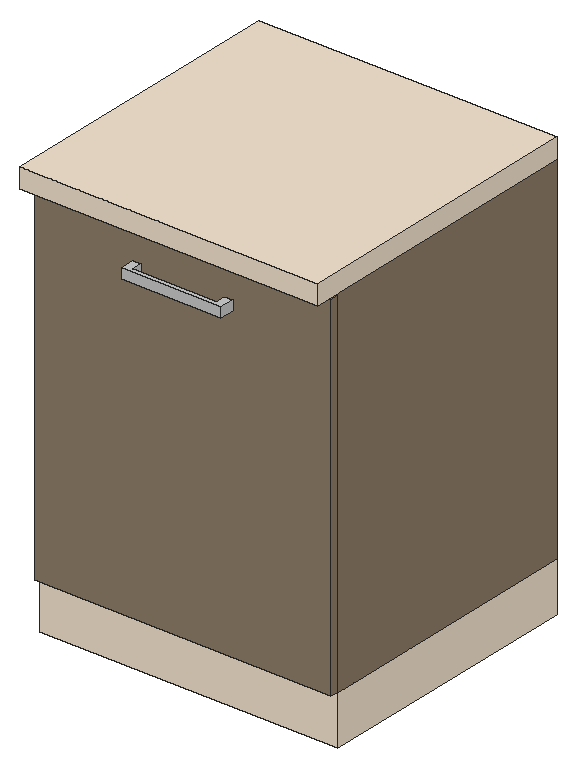
Revit family "Кухня нижній шкафчик", category Мебель, Revit 2019
Family settings
  Номер OmniClass = 23.40.20.00
  Заголовок OmniClass = General Furniture and Specialties
  На основе рабочей плоскости = Нет
  Всегда вертикально = Да
  При загрузке вырезать с полостями = Нет
  Общий = Нет
  Точка расчета площади = Нет
Parameters
  Ширина [instance] = 600 mm
  Дверки ручка сверху [instance] = yes
  Дверки правое открывание [instance] = no
  Дверки левое открывание [instance] = no
  Материал цоколь = Материал цоколь кухни
  Материал корпус = Материал корпус кухни
  Материал столешница = Материал столешница кухни
  Изготовитель = "Литвинчук Артур"
  Глубина [instance] = 550 mm
  URL = "lytvynchukartur@gmail.com"
  4 выдвижных ящика [instance] = no
  3 выдвижных ящика [instance] = no
  2 выдвижных ящика [instance] = no
Reference planes
  plane 1 "По центру (Вперед/Назад)": y = 0
  plane 2: z = 0
  plane 3 "По центру (Влево/Вправо)": x = 0
  plane 4: x = -600
  plane 5: y = -550
  plane 6: z = 820
  plane 7: z = 100
  plane 8: x = -580
  plane 9: x = -20
  plane 10: y = -530
  plane 11: z = 860
  plane 12: y = -600
  plane 13: y = -565
  plane 14: z = 745
  plane 15: z = 725
  plane 16: x = -400
  plane 17: x = -200
  plane 18: x = -300
  plane 19: y = -585
  plane 20: y = -595
  plane 21: x = -385
  plane 22: x = -215
  plane 23 "По центру Л/Р": x = -2.5
  plane 24: x = -597.5
  plane 25: z = 457.5
  plane 26: z = 462.5
  plane 27: z = 387.5
  plane 28: z = 367.5
  plane 29: z = 582.5
  plane 30: z = 577.5
  plane 31: z = 342.5
  plane 32: z = 337.5
  plane 33: z = 507.5
  plane 34: z = 487.5
  plane 35: z = 267.5
  plane 36: z = 247.5
  plane 37: z = 637.5
  plane 38: z = 642.5
  plane 39: z = 457.5
  plane 40: z = 462.5
  plane 41: z = 277.5
  plane 42: z = 282.5
  plane 43: z = 565
  plane 44: z = 545
  plane 45: z = 385
  plane 46: z = 365
  plane 47: z = 205
  plane 48: z = 185
  plane 49: z = 815
  plane 50: x = -560
  plane 51: x = -540
  plane 52 "По центру Л/С": x = -40
  plane 53 "По центру Л/Т": x = -60
Forms (mm)
  Extrusion 1, solid, material "Материал корпус кухни" <- "Материал корпус"
    sketch origin (0, 0, 0) x (1, 0, 0) y (0, 1, 0)
      loop
        line (-600, 0) -> (-600, -550) -> (0, -550) -> (0, 0) -> (-600, 0)
    from 100 to 820
  Extrusion 2, solid, material "Материал цоколь кухни"
    sketch origin (0, 0, 0) x (1, 0, 0) y (0, 1, 0)
      loop
        line (-600, 0) -> (-600, -550) -> (0, -550) -> (0, 0) -> (-20, 0) -> (-20, -530) -> (-580, -530) -> (-580, 0) -> (-600, 0)
    from 0 to 100
  Extrusion 3, solid, material "Материал столешница кухни" <- "Материал столешница"
    sketch origin (0, 0, 0) x (1, 0, 0) y (0, 1, 0)
      loop
        line (-600, 0) -> (-600, -600) -> (0, -600) -> (0, 0) -> (-600, 0)
    from 820 to 860
  Extrusion 4, solid, material "Материал корпус кухни" <- "Материал корпус", visible <- "Дверки ручка сверху"
    sketch origin (0, 0, 0) x (0, 1, 0) y (0, 0, 1)
      loop
        line (-550, 100) -> (-550, 815) -> (-565, 815) -> (-565, 100) -> (-550, 100)
    from -597.5 to -2.5
  Extrusion 5, solid, material "Материал ручка кухни", visible <- "2 выдвижных ящика"
    sketch origin (0, 0, 0) x (1, 0, 0) y (0, 1, 0)
      loop
        line (-400, -565) -> (-400, -595) -> (-200, -595) -> (-200, -565) -> (-215, -565) -> (-215, -585) -> (-385, -585) -> (-385, -565) -> (-400, -565)
    from 725 to 745
  Extrusion 6, solid, material "Материал корпус кухни" <- "Материал корпус", visible <- "2 выдвижных ящика"
    sketch origin (0, 0, 0) x (1, 0, 0) y (0, 0, 1)
      loop
        line (-597.5, 815) -> (-597.5, 462.5) -> (-2.5, 462.5) -> (-2.5, 815) -> (-597.5, 815)
    from 550 to 565
  Extrusion 7, solid, material "Материал корпус кухни" <- "Материал корпус", visible <- "2 выдвижных ящика"
    sketch origin (0, 0, -275) x (1, 0, 0) y (0, 0, 1)
      loop
        line (-597.5, 732.5) -> (-597.5, 375) -> (-2.5, 375) -> (-2.5, 732.5) -> (-597.5, 732.5)
    from 550 to 565
  Extrusion 8, solid, material "Материал ручка кухни", visible <- "2 выдвижных ящика"
    sketch origin (500, 0, 0) x (1, 0, 0) y (0, 1, 0)
      loop
        line (-900, -565) -> (-900, -595) -> (-700, -595) -> (-700, -565) -> (-715, -565) -> (-715, -585) -> (-885, -585) -> (-885, -565) -> (-900, -565)
    from 367.5 to 387.5
  Extrusion 9, solid, material "Материал ручка кухни", visible <- "Дверки ручка сверху"
    sketch origin (500, 0, 0) x (1, 0, 0) y (0, 1, 0)
      loop
        line (-900, -565) -> (-900, -595) -> (-700, -595) -> (-700, -565) -> (-715, -565) -> (-715, -585) -> (-885, -585) -> (-885, -565) -> (-900, -565)
    from 725 to 745
  Extrusion 10, solid, material "Материал корпус кухни" <- "Материал корпус", visible <- "3 выдвижных ящика"
    sketch origin (800, 0, 0) x (1, 0, 0) y (0, 0, 1)
      loop
        line (-1397.5, 815) -> (-1397.5, 582.5) -> (-802.5, 582.5) -> (-802.5, 815) -> (-1397.5, 815)
    from 550 to 565
  Extrusion 11, solid, material "Материал ручка кухни", visible <- "3 выдвижных ящика"
    sketch origin (0, 0, 0) x (1, 0, 0) y (0, 1, 0)
      loop
        line (-400, -565) -> (-400, -595) -> (-200, -595) -> (-200, -565) -> (-215, -565) -> (-215, -585) -> (-385, -585) -> (-385, -565) -> (-400, -565)
    from 725 to 745
  Extrusion 12, solid, material "Материал корпус кухни" <- "Материал корпус", visible <- "3 выдвижных ящика"
    sketch origin (1600, 0, 0) x (1, 0, 0) y (0, 0, 1)
      loop
        line (-2197.5, 577.5) -> (-2197.5, 342.5) -> (-1602.5, 342.5) -> (-1602.5, 577.5) -> (-2197.5, 577.5)
    from 550 to 565
  Extrusion 13, solid, material "Материал корпус кухни" <- "Материал корпус", visible <- "3 выдвижных ящика"
    sketch origin (1800, 0, 0) x (1, 0, 0) y (0, 0, 1)
      loop
        line (-2397.5, 337.5) -> (-2397.5, 100) -> (-1802.5, 100) -> (-1802.5, 337.5) -> (-2397.5, 337.5)
    from 550 to 565
  Extrusion 14, solid, material "Материал ручка кухни", visible <- "3 выдвижных ящика"
    sketch origin (-220, 0, 0) x (1, 0, 0) y (0, 1, 0)
      loop
        line (-180, -565) -> (-180, -595) -> (20, -595) -> (20, -565) -> (5, -565) -> (5, -585) -> (-165, -585) -> (-165, -565) -> (-180, -565)
    from 487.5 to 507.5
  Extrusion 15, solid, material "Материал ручка кухни", visible <- "3 выдвижных ящика"
    sketch origin (-355, 0, 0) x (1, 0, 0) y (0, 1, 0)
      loop
        line (-45, -565) -> (-45, -595) -> (155, -595) -> (155, -565) -> (140, -565) -> (140, -585) -> (-30, -585) -> (-30, -565) -> (-45, -565)
    from 247.5 to 267.5
  Extrusion 16, solid, material "Материал корпус кухни" <- "Материал корпус", visible <- "4 выдвижных ящика"
    sketch origin (1440, 0, 0) x (1, 0, 0) y (0, 0, 1)
      loop
        line (-2037.5, 815) -> (-2037.5, 642.5) -> (-1442.5, 642.5) -> (-1442.5, 815) -> (-2037.5, 815)
    from 550 to 565
  Extrusion 17, solid, material "Материал ручка кухни", visible <- "4 выдвижных ящика"
    sketch origin (-445, 0, 0) x (1, 0, 0) y (0, 1, 0)
      loop
        line (45, -565) -> (45, -595) -> (245, -595) -> (245, -565) -> (230, -565) -> (230, -585) -> (60, -585) -> (60, -565) -> (45, -565)
    from 725 to 745
  Extrusion 18, solid, material "Материал корпус кухни" <- "Материал корпус", visible <- "4 выдвижных ящика"
    sketch origin (2160, 0, 0) x (1, 0, 0) y (0, 0, 1)
      loop
        line (-2757.5, 637.5) -> (-2757.5, 462.5) -> (-2162.5, 462.5) -> (-2162.5, 637.5) -> (-2757.5, 637.5)
    from 550 to 565
  Extrusion 19, solid, material "Материал корпус кухни" <- "Материал корпус", visible <- "4 выдвижных ящика"
    sketch origin (2910, 0, 0) x (1, 0, 0) y (0, 0, 1)
      loop
        line (-3507.5, 457.5) -> (-3507.5, 282.5) -> (-2912.5, 282.5) -> (-2912.5, 457.5) -> (-3507.5, 457.5)
    from 550 to 565
  Extrusion 20, solid, material "Материал корпус кухни" <- "Материал корпус", visible <- "4 выдвижных ящика"
    sketch origin (3710, 0, 0) x (1, 0, 0) y (0, 0, 1)
      loop
        line (-4307.5, 277.5) -> (-4307.5, 100) -> (-3712.5, 100) -> (-3712.5, 277.5) -> (-4307.5, 277.5)
    from 550 to 565
  Extrusion 21, solid, material "Материал ручка кухни", visible <- "4 выдвижных ящика"
    sketch origin (-675, 0, 0) x (1, 0, 0) y (0, 1, 0)
      loop
        line (275, -565) -> (275, -595) -> (475, -595) -> (475, -565) -> (460, -565) -> (460, -585) -> (290, -585) -> (290, -565) -> (275, -565)
    from 185 to 205
  Extrusion 22, solid, material "Материал ручка кухни", visible <- "4 выдвижных ящика"
    sketch origin (505, 0, 0) x (1, 0, 0) y (0, 1, 0)
      loop
        line (-905, -565) -> (-905, -595) -> (-705, -595) -> (-705, -565) -> (-720, -565) -> (-720, -585) -> (-890, -585) -> (-890, -565) -> (-905, -565)
    from 545 to 565
  Extrusion 23, solid, material "Материал ручка кухни", visible <- "4 выдвижных ящика"
    sketch origin (755, 0, 0) x (1, 0, 0) y (0, 1, 0)
      loop
        line (-1155, -565) -> (-1155, -595) -> (-955, -595) -> (-955, -565) -> (-970, -565) -> (-970, -585) -> (-1140, -585) -> (-1140, -565) -> (-1155, -565)
    from 365 to 385
  Extrusion 24, solid, material "Материал корпус кухни" <- "Материал корпус", visible <- "Дверки правое открывание"
    sketch origin (2240, 0, 0) x (1, 0, 0) y (0, 0, 1)
      loop
        line (-2837.5, 815) -> (-2837.5, 100) -> (-2242.5, 100) -> (-2242.5, 815) -> (-2837.5, 815)
    from 550 to 565
  Extrusion 25, solid, material "Материал ручка кухни", visible <- "Дверки правое открывание"
    sketch origin (270, 0, 500) x (0, 0, 1) y (0, 1, 0)
      loop
        line (45, -565) -> (45, -595) -> (245, -595) -> (245, -565) -> (230, -565) -> (230, -585) -> (60, -585) -> (60, -565) -> (45, -565)
    from 810 to 830
  Extrusion 26, solid, material "Материал корпус кухни" <- "Материал корпус", visible <- "Дверки левое открывание"
    sketch origin (3040, 0, 0) x (1, 0, 0) y (0, 0, 1)
      loop
        line (-3637.5, 815) -> (-3637.5, 100) -> (-3042.5, 100) -> (-3042.5, 815) -> (-3637.5, 815)
    from 550 to 565
  Extrusion 27, solid, material "Материал ручка кухни", visible <- "Дверки левое открывание"
    sketch origin (1070, 0, 500) x (0, 0, 1) y (0, 1, 0)
      loop
        line (45, -565) -> (45, -595) -> (245, -595) -> (245, -565) -> (230, -565) -> (230, -585) -> (60, -585) -> (60, -565) -> (45, -565)
    from 1110 to 1130
Dimensions and locks
  "Ширина": plane 3 "По центру (Влево/Вправо)" to plane 4
  "Глубина": plane 5 to plane 1 "По центру (Вперед/Назад)"
  locked: plane 7 to level at 100
  locked: plane 6 to plane 7 at 720
  locked: plane 4 to plane 8 at 20
  locked: plane 9 to plane 3 "По центру (Влево/Вправо)" at 20
  locked: plane 5 to plane 10 at 20
  locked: plane 11 to plane 6 at 40
  locked: plane 6 to Extrusion 4 at 5
  locked: plane 15 to level at 725
  locked: plane 14 to plane 15 at 20
  equal spacing: plane 3 "По центру (Влево/Вправо)", plane 18, plane 4
  locked: plane 21 to plane 16 at 15
  locked: plane 17 to plane 22 at 15
  locked: plane 17 to plane 16 at 200
  equal spacing: plane 17, plane 18, plane 16
  locked: plane 24 to plane 4 at 2.5
  locked: plane 3 "По центру (Влево/Вправо)" to plane 23 "По центру Л/Р" at 2.5
  locked: plane 6 to Extrusion 6 at 5
  plane 26 to plane 25 to plane 7 = 5 mm locked, 357.5 mm locked
  locked: plane 27 to plane 28 at 20
  locked: plane 28 to level at 367.5
  plane 29 to plane 30 to plane 31 to plane 32 to plane 7 = 5 mm locked, 235 mm locked, 5 mm locked, 237.5 mm locked
  locked: plane 33 to plane 34 at 20
  locked: plane 34 to plane 7 at 387.5
  locked: plane 35 to plane 36 at 20
  locked: plane 36 to plane 7 at 147.5
  plane 38 to plane 37 to plane 40 to plane 39 to plane 42 to plane 41 to plane 7 = 5 mm locked, 175 mm locked, 5 mm locked, 175 mm locked, 5 mm locked, 177.5 mm locked
  locked: plane 43 to plane 44 at 20
  locked: plane 45 to plane 46 at 20
  locked: plane 47 to plane 48 at 20
  locked: plane 15 to plane 43 at 160
  locked: plane 44 to plane 45 at 160
  locked: plane 46 to plane 47 at 160
  locked: plane 6 to plane 49 at 5
  plane 51 to plane 50 to plane 4 = 20 mm locked, 40 mm locked
  plane 3 "По центру (Влево/Вправо)" to plane 52 "По центру Л/С" to plane 53 "По центру Л/Т" = 40 mm locked, 20 mm locked
  plane 12 to plane 20 to plane 19 to plane 13 to plane 5 = 5 mm locked, 10 mm locked, 20 mm locked, 15 mm locked
  aligned and locked: level to plane 2
  aligned and locked: plane 4 to Extrusion 1 sketch curve
  aligned and locked: plane 1 "По центру (Вперед/Назад)" to Extrusion 1 sketch curve
  aligned and locked: Extrusion 1 sketch curve to plane 3 "По центру (Влево/Вправо)"
  aligned and locked: Extrusion 1 sketch curve to plane 5
  aligned and locked: plane 6 to Extrusion 1
  aligned and locked: Extrusion 1 to plane 7
  aligned and locked: plane 4 to Extrusion 2 sketch curve
  aligned and locked: Extrusion 2 sketch curve to plane 8
  aligned and locked: plane 1 "По центру (Вперед/Назад)" to Extrusion 2 sketch curve  (x2)
  aligned and locked: plane 9 to Extrusion 2 sketch curve
  aligned and locked: Extrusion 2 sketch curve to plane 3 "По центру (Влево/Вправо)"
  aligned and locked: plane 10 to Extrusion 2 sketch curve
  aligned and locked: Extrusion 2 sketch curve to plane 5
  aligned and locked: Extrusion 2 to Extrusion 1
  aligned and locked: Extrusion 2 to level
  aligned and locked: plane 4 to Extrusion 3 sketch curve
  aligned and locked: plane 1 "По центру (Вперед/Назад)" to Extrusion 3 sketch curve
  aligned and locked: Extrusion 3 sketch curve to plane 3 "По центру (Влево/Вправо)"
  aligned and locked: plane 12 to Extrusion 3
  aligned and locked: plane 11 to Extrusion 3
  aligned and locked: Extrusion 3 to plane 6
  aligned and locked: plane 13 to Extrusion 4 sketch curve
  aligned and locked: Extrusion 4 sketch curve to plane 5
  aligned and locked: Extrusion 4 sketch curve to plane 7
  aligned and locked: Extrusion 5 sketch curve to plane 20
  aligned and locked: plane 19 to Extrusion 5 sketch curve
  aligned and locked: Extrusion 5 sketch curve to plane 21
  aligned and locked: plane 16 to Extrusion 5 sketch curve
  aligned and locked: Extrusion 5 sketch curve to plane 17
  aligned and locked: plane 22 to Extrusion 5 sketch curve
  aligned and locked: plane 13 to Extrusion 5 sketch curve  (x2)
  aligned and locked: plane 14 to Extrusion 5
  aligned and locked: Extrusion 5 to plane 15
  aligned and locked: Extrusion 4 to plane 24
  aligned and locked: plane 23 "По центру Л/Р" to Extrusion 4
  aligned and locked: plane 13 to Extrusion 6
  aligned and locked: Extrusion 6 to plane 5
  aligned and locked: Extrusion 6 to plane 24
  aligned and locked: plane 23 "По центру Л/Р" to Extrusion 6
  aligned and locked: Extrusion 7 to plane 24
  aligned and locked: plane 25 to Extrusion 7
  aligned and locked: Extrusion 1 to Extrusion 7
  aligned and locked: plane 23 "По центру Л/Р" to Extrusion 7
  aligned and locked: Extrusion 6 to plane 26
  aligned and locked: Extrusion 8 to plane 28
  aligned and locked: plane 27 to Extrusion 8
  aligned and locked: Extrusion 8 to plane 16
  aligned and locked: plane 21 to Extrusion 8
  aligned and locked: Extrusion 8 to plane 22
  aligned and locked: plane 17 to Extrusion 8
  aligned and locked: plane 20 to Extrusion 8
  aligned and locked: Extrusion 8 to plane 19
  aligned and locked: Extrusion 8 to plane 13  (x2)
  aligned and locked: Extrusion 9 to plane 15
  aligned and locked: plane 14 to Extrusion 9
  aligned and locked: Extrusion 9 to plane 16
  aligned and locked: plane 21 to Extrusion 9
  aligned and locked: Extrusion 9 to plane 22
  aligned and locked: plane 17 to Extrusion 9
  aligned and locked: plane 20 to Extrusion 9
  aligned and locked: Extrusion 9 to plane 19
  aligned and locked: Extrusion 9 to plane 13  (x2)
  aligned and locked: Extrusion 10 to plane 29
  aligned and locked: Extrusion 10 to plane 24
  aligned and locked: plane 23 "По центру Л/Р" to Extrusion 10
  aligned and locked: Extrusion 12 to plane 31
  aligned and locked: plane 30 to Extrusion 12
  aligned and locked: Extrusion 12 to plane 24
  aligned and locked: plane 23 "По центру Л/Р" to Extrusion 12
  aligned and locked: Extrusion 1 to Extrusion 13
  aligned and locked: plane 32 to Extrusion 13
  aligned and locked: Extrusion 13 to plane 24
  aligned and locked: plane 23 "По центру Л/Р" to Extrusion 13
  aligned and locked: Extrusion 15 to plane 36
  aligned and locked: plane 35 to Extrusion 15
  aligned and locked: plane 17 to Extrusion 15
  aligned and locked: Extrusion 15 to plane 22
  aligned and locked: plane 21 to Extrusion 15
  aligned and locked: Extrusion 15 to plane 16
  aligned and locked: Extrusion 15 to plane 13  (x2)
  aligned and locked: Extrusion 15 to plane 19
  aligned and locked: plane 20 to Extrusion 15
  aligned and locked: Extrusion 14 to plane 34
  aligned and locked: plane 33 to Extrusion 14
  aligned and locked: plane 17 to Extrusion 14
  aligned and locked: Extrusion 14 to plane 22
  aligned and locked: plane 21 to Extrusion 14
  aligned and locked: Extrusion 14 to plane 16
  aligned and locked: Extrusion 14 to plane 13  (x2)
  aligned and locked: Extrusion 14 to plane 19
  aligned and locked: plane 20 to Extrusion 14
  aligned and locked: Extrusion 11 to plane 15
  aligned and locked: plane 14 to Extrusion 11
  aligned and locked: plane 17 to Extrusion 11
  aligned and locked: Extrusion 11 to plane 22
  aligned and locked: plane 21 to Extrusion 11
  aligned and locked: Extrusion 11 to plane 16
  aligned and locked: Extrusion 11 to plane 13  (x2)
  aligned and locked: Extrusion 11 to plane 19
  aligned and locked: plane 20 to Extrusion 11
  aligned and locked: plane 49 to Extrusion 16
  aligned and locked: Extrusion 16 to plane 38
  aligned and locked: Extrusion 16 to plane 24
  aligned and locked: plane 23 "По центру Л/Р" to Extrusion 16
  aligned and locked: Extrusion 18 to plane 26
  aligned and locked: plane 37 to Extrusion 18
  aligned and locked: Extrusion 18 to plane 24
  aligned and locked: plane 23 "По центру Л/Р" to Extrusion 18
  aligned and locked: Extrusion 19 to plane 42
  aligned and locked: plane 25 to Extrusion 19
  aligned and locked: Extrusion 19 to plane 24
  aligned and locked: plane 23 "По центру Л/Р" to Extrusion 19
  aligned and locked: Extrusion 1 to Extrusion 20
  aligned and locked: plane 41 to Extrusion 20
  aligned and locked: Extrusion 20 to plane 24
  aligned and locked: plane 23 "По центру Л/Р" to Extrusion 20
  aligned and locked: Extrusion 21 to plane 48
  aligned and locked: plane 47 to Extrusion 21
  aligned and locked: plane 17 to Extrusion 21
  aligned and locked: Extrusion 21 to plane 22
  aligned and locked: plane 21 to Extrusion 21
  aligned and locked: Extrusion 21 to plane 16
  aligned and locked: Extrusion 21 to plane 13  (x2)
  aligned and locked: Extrusion 21 to plane 19
  aligned and locked: plane 20 to Extrusion 21
  aligned and locked: Extrusion 23 to plane 46
  aligned and locked: plane 45 to Extrusion 23
  aligned and locked: Extrusion 23 to plane 16
  aligned and locked: plane 21 to Extrusion 23
  aligned and locked: Extrusion 23 to plane 22
  aligned and locked: plane 17 to Extrusion 23
  aligned and locked: Extrusion 22 to plane 44
  aligned and locked: plane 43 to Extrusion 22
  aligned and locked: Extrusion 22 to plane 16
  aligned and locked: plane 21 to Extrusion 22
  aligned and locked: Extrusion 22 to plane 22
  aligned and locked: plane 17 to Extrusion 22
  aligned and locked: Extrusion 22 to plane 13  (x2)
  aligned and locked: Extrusion 22 to plane 19
  aligned and locked: plane 20 to Extrusion 22
  aligned and locked: Extrusion 23 to plane 13  (x2)
  aligned and locked: Extrusion 23 to plane 19
  aligned and locked: plane 20 to Extrusion 23
  aligned and locked: Extrusion 17 to plane 15
  aligned and locked: plane 14 to Extrusion 17
  aligned and locked: plane 17 to Extrusion 17
  aligned and locked: plane 21 to Extrusion 17
  aligned and locked: Extrusion 17 to plane 16
  aligned and locked: Extrusion 24 to plane 24
  aligned and locked: plane 23 "По центру Л/Р" to Extrusion 24
  aligned and locked: plane 49 to Extrusion 24
  aligned and locked: Extrusion 1 to Extrusion 24
  aligned and locked: Extrusion 25 to plane 50
  aligned and locked: plane 51 to Extrusion 25
  aligned and locked: Extrusion 1 to Extrusion 26
  aligned and locked: plane 49 to Extrusion 26
  aligned and locked: Extrusion 26 to plane 24
  aligned and locked: plane 23 "По центру Л/Р" to Extrusion 26
  aligned and locked: Extrusion 27 to plane 53 "По центру Л/Т"
  aligned and locked: plane 52 "По центру Л/С" to Extrusion 27
  aligned and locked: plane 13 to Extrusion 26
  aligned and locked: Extrusion 26 to plane 5
  aligned and locked: plane 13 to Extrusion 24
  aligned and locked: Extrusion 24 to plane 5
  aligned and locked: plane 13 to Extrusion 16
  aligned and locked: Extrusion 16 to plane 5
  aligned and locked: plane 13 to Extrusion 10
  aligned and locked: Extrusion 10 to plane 5
  aligned and locked: plane 13 to Extrusion 18
  aligned and locked: Extrusion 18 to plane 5
  aligned and locked: plane 13 to Extrusion 12
  aligned and locked: Extrusion 12 to plane 5
  aligned and locked: plane 13 to Extrusion 19
  aligned and locked: Extrusion 19 to plane 5
  aligned and locked: plane 13 to Extrusion 7
  aligned and locked: Extrusion 7 to plane 5
  aligned and locked: plane 13 to Extrusion 13
  aligned and locked: Extrusion 13 to plane 5
  aligned and locked: plane 13 to Extrusion 20
  aligned and locked: Extrusion 20 to plane 5
Automatic sketch dimensions
  plane 12 to Extrusion 3 sketch curve = 0 mm
  Extrusion 4 sketch curve to plane 49 = 0 mm
  Extrusion 6 sketch curve to plane 24 = 0 mm
  Extrusion 6 sketch curve to plane 23 "По центру Л/Р" = 0 mm
  Extrusion 6 sketch curve to plane 26 = 0 mm
  Extrusion 6 sketch curve to plane 49 = 0 mm
  Extrusion 7 sketch curve to plane 7 = 0 mm
  Extrusion 7 sketch curve to plane 24 = 0 mm
  Extrusion 7 sketch curve to plane 23 "По центру Л/Р" = 0 mm
  Extrusion 7 sketch curve to plane 25 = 0 mm
  plane 13 to Extrusion 8 sketch curve = 0 mm  (x2)
  Extrusion 8 sketch curve to plane 16 = 0 mm
  Extrusion 8 sketch curve to plane 21 = 0 mm
  Extrusion 8 sketch curve to plane 22 = 0 mm
  Extrusion 8 sketch curve to plane 17 = 0 mm
  plane 20 to Extrusion 8 sketch curve = 0 mm
  plane 19 to Extrusion 8 sketch curve = 0 mm
  plane 13 to Extrusion 9 sketch curve = 0 mm  (x2)
  Extrusion 9 sketch curve to plane 16 = 0 mm
  Extrusion 9 sketch curve to plane 21 = 0 mm
  Extrusion 9 sketch curve to plane 22 = 0 mm
  Extrusion 9 sketch curve to plane 17 = 0 mm
  plane 20 to Extrusion 9 sketch curve = 0 mm
  plane 19 to Extrusion 9 sketch curve = 0 mm
  Extrusion 10 sketch curve to plane 24 = 0 mm
  Extrusion 10 sketch curve to plane 23 "По центру Л/Р" = 0 mm
  Extrusion 10 sketch curve to plane 29 = 0 mm
  Extrusion 10 sketch curve to plane 49 = 0 mm
  plane 13 to Extrusion 11 sketch curve = 0 mm  (x2)
  Extrusion 11 sketch curve to plane 16 = 0 mm
  Extrusion 11 sketch curve to plane 21 = 0 mm
  Extrusion 11 sketch curve to plane 22 = 0 mm
  Extrusion 11 sketch curve to plane 17 = 0 mm
  plane 20 to Extrusion 11 sketch curve = 0 mm
  plane 19 to Extrusion 11 sketch curve = 0 mm
  Extrusion 12 sketch curve to plane 24 = 0 mm
  Extrusion 12 sketch curve to plane 23 "По центру Л/Р" = 0 mm
  Extrusion 12 sketch curve to plane 31 = 0 mm
  Extrusion 12 sketch curve to plane 30 = 0 mm
  Extrusion 13 sketch curve to plane 7 = 0 mm
  Extrusion 13 sketch curve to plane 24 = 0 mm
  Extrusion 13 sketch curve to plane 23 "По центру Л/Р" = 0 mm
  Extrusion 13 sketch curve to plane 32 = 0 mm
  plane 13 to Extrusion 14 sketch curve = 0 mm  (x2)
  Extrusion 14 sketch curve to plane 16 = 0 mm
  Extrusion 14 sketch curve to plane 21 = 0 mm
  Extrusion 14 sketch curve to plane 22 = 0 mm
  Extrusion 14 sketch curve to plane 17 = 0 mm
  plane 20 to Extrusion 14 sketch curve = 0 mm
  plane 19 to Extrusion 14 sketch curve = 0 mm
  plane 13 to Extrusion 15 sketch curve = 0 mm  (x2)
  Extrusion 15 sketch curve to plane 16 = 0 mm
  Extrusion 15 sketch curve to plane 21 = 0 mm
  Extrusion 15 sketch curve to plane 22 = 0 mm
  Extrusion 15 sketch curve to plane 17 = 0 mm
  plane 20 to Extrusion 15 sketch curve = 0 mm
  plane 19 to Extrusion 15 sketch curve = 0 mm
  Extrusion 16 sketch curve to plane 24 = 0 mm
  Extrusion 16 sketch curve to plane 23 "По центру Л/Р" = 0 mm
  Extrusion 16 sketch curve to plane 38 = 0 mm
  Extrusion 16 sketch curve to plane 49 = 0 mm
  plane 13 to Extrusion 17 sketch curve = 0 mm  (x2)
  Extrusion 17 sketch curve to plane 16 = 0 mm
  Extrusion 17 sketch curve to plane 21 = 0 mm
  Extrusion 17 sketch curve to plane 22 = 0 mm
  Extrusion 17 sketch curve to plane 17 = 0 mm
  plane 20 to Extrusion 17 sketch curve = 0 mm
  plane 19 to Extrusion 17 sketch curve = 0 mm
  Extrusion 18 sketch curve to plane 24 = 0 mm
  Extrusion 18 sketch curve to plane 23 "По центру Л/Р" = 0 mm
  Extrusion 18 sketch curve to plane 26 = 0 mm
  Extrusion 18 sketch curve to plane 37 = 0 mm
  Extrusion 19 sketch curve to plane 24 = 0 mm
  Extrusion 19 sketch curve to plane 23 "По центру Л/Р" = 0 mm
  Extrusion 19 sketch curve to plane 42 = 0 mm
  Extrusion 19 sketch curve to plane 25 = 0 mm
  Extrusion 20 sketch curve to plane 7 = 0 mm
  Extrusion 20 sketch curve to plane 24 = 0 mm
  Extrusion 20 sketch curve to plane 23 "По центру Л/Р" = 0 mm
  Extrusion 20 sketch curve to plane 41 = 0 mm
  plane 13 to Extrusion 21 sketch curve = 0 mm  (x2)
  Extrusion 21 sketch curve to plane 16 = 0 mm
  Extrusion 21 sketch curve to plane 21 = 0 mm
  Extrusion 21 sketch curve to plane 22 = 0 mm
  Extrusion 21 sketch curve to plane 17 = 0 mm
  plane 20 to Extrusion 21 sketch curve = 0 mm
  plane 19 to Extrusion 21 sketch curve = 0 mm
  plane 13 to Extrusion 22 sketch curve = 0 mm  (x2)
  Extrusion 22 sketch curve to plane 16 = 0 mm
  Extrusion 22 sketch curve to plane 21 = 0 mm
  Extrusion 22 sketch curve to plane 22 = 0 mm
  Extrusion 22 sketch curve to plane 17 = 0 mm
  plane 20 to Extrusion 22 sketch curve = 0 mm
  plane 19 to Extrusion 22 sketch curve = 0 mm
  plane 13 to Extrusion 23 sketch curve = 0 mm  (x2)
  Extrusion 23 sketch curve to plane 16 = 0 mm
  Extrusion 23 sketch curve to plane 21 = 0 mm
  Extrusion 23 sketch curve to plane 22 = 0 mm
  Extrusion 23 sketch curve to plane 17 = 0 mm
  plane 20 to Extrusion 23 sketch curve = 0 mm
  plane 19 to Extrusion 23 sketch curve = 0 mm
  Extrusion 24 sketch curve to plane 7 = 0 mm
  Extrusion 24 sketch curve to plane 24 = 0 mm
  Extrusion 24 sketch curve to plane 23 "По центру Л/Р" = 0 mm
  Extrusion 24 sketch curve to plane 49 = 0 mm
  Extrusion 25 sketch curve to plane 13 = 0 mm  (x2)
  Extrusion 25 sketch curve to plane 44 = 0 mm
  Extrusion 25 sketch curve to plane 19 = 0 mm
  Extrusion 25 sketch curve to plane 14 = 0 mm
  Extrusion 25 sketch curve to plane 20 = 0 mm
  Extrusion 25 sketch curve to plane 43 = 5 mm
  plane 15 to Extrusion 25 sketch curve = 5 mm
  plane 7 to Extrusion 26 sketch curve = 0 mm
  Extrusion 26 sketch curve to plane 49 = 0 mm
  Extrusion 26 sketch curve to plane 3 "По центру (Влево/Вправо)" = 597.5 mm
  Extrusion 26 sketch curve to Extrusion 26 sketch curve = 595 mm
  Extrusion 27 sketch curve to plane 13 = 0 mm  (x2)
  Extrusion 27 sketch curve to plane 44 = 0 mm
  Extrusion 27 sketch curve to plane 19 = 0 mm
  Extrusion 27 sketch curve to plane 14 = 0 mm
  Extrusion 27 sketch curve to plane 20 = 0 mm
  Extrusion 27 sketch curve to plane 43 = 5 mm
  plane 15 to Extrusion 27 sketch curve = 5 mm
